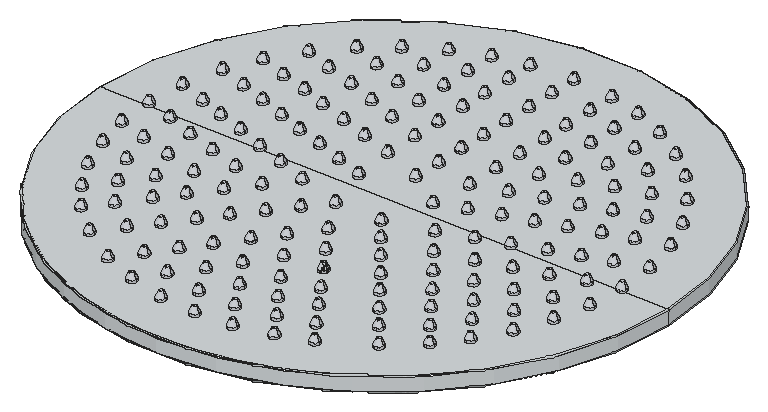
Revit family "Reece_Shower_Mizu_Drift_Overhead Shower_Brass_300 mm", category Plumbing Fixtures, host Face, Revit 2018
Family settings
  Host = Face
  Round Connector Dimension = Use Diameter
  Part Type = Normal
  Cut with Voids When Loaded = No
  Shared = No
  Room Calculation Point = No
Parameters (values of type "Brushed Nickel")
  WFU = 0  # constant formula
  URL = "https://www.reece.com.au/product/-9508187"
  Reece_Shower_Inlet = 15 mm  # constant formula
  Reece_Product_Web Page = "https://www.reece.com.au/product/-9508187"
  Reece_Product_Sub Brand = "Drift"  # constant formula
  Reece_Product_Number = "9508187"
  Reece_Product_Mount = "Ceiling Mounted"
  Reece_Product_Description = "Mizu Drift Brass Overhead Shower 300mm Brushed Nickel (3 Star)"
  Reece_Product_Brand = "Mizu"  # constant formula
  Reece_Overall_Height = 53 mm  # constant formula
  Reece_Overall-Diameter = 300 mm  # constant formula
  Reece_Material_Main = Reece_Brass_Brushed Nickel
  Reece_Head_ Thickness = 8 mm  # constant formula
  Reece_Detail_Material = "Brass"  # constant formula
  Reece_Detail_Disclaimer = "THIS FILE IS THE PROPERTY OF THE REECE GROUP. IT MAY NOT BE REPRODUCED, REVERSE-ENGINEERED, OR MODIFIED. ANY REPUBLICATION, TRANSMISSION, OR DISTRIBUTION FOR THE PURPOSE OF COMMERCIALLY EXPLOITING THE FILES IS PROHIBITED."  # constant formula
  Reece_Detail_Additional = "Overhead Shower"  # constant formula
  Model = "Drift"
  Manufacturer = "Mizu"
  Keynote = "Product #9508187, Reece_Shower_Mizu_Drift_Overhead Shower_Brass_300 mm - Brushed Nickel"
  HWFU = 0  # constant formula
  Disclaimer = "THIS FILE IS THE PROPERTY OF THE REECE GROUP. IT MAY NOT BE REPRODUCED, REVERSE-ENGINEERED, OR MODIFIED. ANY REPUBLICATION, TRANSMISSION, OR DISTRIBUTION FOR THE PURPOSE OF COMMERCIALLY EXPLOITING THE FILES IS PROHIBITED."  # constant formula
  Description = "Mizu Drift Brass Overhead Shower 300mm Brushed Nickel (3 Star)"
  Default Elevation = 0 mm
  CWFU = 0  # constant formula
Types (4, lengths in mm): name | URL | Reece_Product_Web Page | Reece_Product_Number | Reece_Product_Description | Reece_Material_Main | Keynote | Description
  Chrome | "https://www.reece.com.au/product/-9503923" | "https://www.reece.com.au/product/-9503923" | "9503923" | "Mizu Drift Brass Overhead Shower 300mm Chrome (3 Star)" | Reece_Brass_Chrome | "Product #9503923, Reece_Shower_Mizu_Drift_Overhead Shower_Brass_300 mm - Chrome" | "Mizu Drift Brass Overhead Shower 300mm Chrome (3 Star)"
  Brushed Nickel | "https://www.reece.com.au/product/-9508187" | "https://www.reece.com.au/product/-9508187" | "9508187" | "Mizu Drift Brass Overhead Shower 300mm Brushed Nickel (3 Star)" | Reece_Brass_Brushed Nickel | "Product #9508187, Reece_Shower_Mizu_Drift_Overhead Shower_Brass_300 mm - Brushed Nickel" | "Mizu Drift Brass Overhead Shower 300mm Brushed Nickel (3 Star)"
  Matte Black | "https://www.reece.com.au/product/-9505045" | "https://www.reece.com.au/product/-9505045" | "9505045" | "Mizu Drift Brass Overhead Shower 300mm Matte Black (3 Star)" | Reece_Brass_Matte Black | "Product #9505045, Reece_Shower_Mizu_Drift_Overhead Shower_Brass_300 mm - Matte Black" | "Mizu Drift Brass Overhead Shower 300mm Matte Black (3 Star)"
  Brushed Brass | "https://www.reece.com.au/product/-9512324" | "https://www.reece.com.au/product/-9512324" | "9512324" | "Mizu Drift Overhead Shower Brass 300mm Brushed Brass (3 Star)" | Reece_Brass_Brushed | "Product #9512324, Reece_Shower_Mizu_Drift_Overhead Shower_Brass_300 mm - Brushed Brass" | "Mizu Drift Overhead Shower Brass 300mm Brushed Brass (3 Star)"
Reference planes
  plane 1 "Center (Front/Back)": y = 0
  plane 2: z = 0
  plane 3 "Center (Left/Right)": x = 0
  plane 4: z = 53
  plane 5: y = 150
  plane 6: y = -150
  plane 7: x = 150
  plane 8: x = -150
  plane 9: z = 45
Forms (mm)
  Revolve 1, solid, material "Reece_Brass_Brushed Nickel" <- "Reece_Material_Main"
    sketch origin (0, 0, -187) x (1, 0, 0) y (0, 0, 1)
      loop
        line (0, 240) -> (0, 187) -> (12, 187) -> (12, 200.9) -> (8, 200.9) -> (8, 204.4) -> (8.702, 204.989) -> (14.5, 204.989)
        arc (14.5, 204.989) -> (15.914, 205.575) -> (16.5, 206.989) r 2
        line (16.5, 206.989) -> (16.5, 228) -> (18.5, 228)
        arc (18.5, 228) -> (18.854, 228.146) -> (19, 228.5) r 0.5
        line (19, 228.5) -> (19, 232) -> (149.5, 232)
        arc (149.5, 232) -> (149.854, 232.146) -> (150, 232.5) r 0.5
        line (150, 232.5) -> (150, 239.5)
        arc (150, 239.5) -> (149.854, 239.854) -> (149.5, 240) r 0.5
        line (149.5, 240) -> (0, 240)
      axis (0, 240) -> (0, 187)
    angle from 0 to 360
  Extrusion 2, void
    sketch origin (0, 0, 0) x (1, 0, 0) y (0, 0, 1)
      loop
        line (-4.039, 6.9) -> (-4.039, 0) -> (4.039, 0) -> (4.039, 6.9) -> (-4.039, 6.9)
    from 10.673 to 13.307
  Extrusion 3, void
    sketch origin (0, 0, 0) x (1, 0, 0) y (0, 0, -1)
      loop
        line (-4.039, -6.9) -> (4.039, -6.9) -> (4.039, 0) -> (-4.039, 0) -> (-4.039, -6.9)
    from 10.673 to 13.307
  Extrusion 4, void
    sketch origin (0, 0, 0) x (1, 0, 0) y (0, 0, -1)
      loop
        line (-5.657, -23) -> (5.657, -23) -> (5.657, -20.024)
        arc (5.657, -20.024) -> (5.468, -19.439) -> (4.971, -19.075) r 1
        arc (4.971, -19.075) -> (0, -18.273) -> (-4.971, -19.075) r 15.81
        arc (-4.971, -19.075) -> (-5.468, -19.439) -> (-5.657, -20.024) r 1
        line (-5.657, -20.024) -> (-5.657, -23)
    from 13.307 to 20.436
  Extrusion 5, void
    sketch origin (0, 0, 0) x (1, 0, 0) y (0, 1, 0)
      loop
        circle (0, 0) r 9.5
    from 0 to 12.58
  Extrusion 6, void
    sketch origin (0, 0, 0) x (1, 0, 0) y (0, 0, 1)
      loop
        line (-5.657, 23) -> (-5.657, 20.024)
        arc (-5.657, 20.024) -> (-5.468, 19.439) -> (-4.971, 19.075) r 1
        arc (-4.971, 19.075) -> (0, 18.273) -> (4.971, 19.075) r 15.81
        arc (4.971, 19.075) -> (5.468, 19.439) -> (5.657, 20.024) r 1
        line (5.657, 20.024) -> (5.657, 23) -> (-5.657, 23)
    from 13.307 to 20.436
  Extrusion 7, solid, material "Reece_Brass_Brushed Nickel" <- "Reece_Material_Main"
    sketch origin (0, 0, 0) x (1, 0, 0) y (0, 1, 0)
      loop
        circle (0, 0) r 8
    from 0 to 2.387
Cuts and joins
  Extrusion 2, Extrusion 3, Extrusion 4, Extrusion 5, Extrusion 6 cuts Revolve 1
Lines and regions (mm)
  reference lines
    curve 1: line (0, 0, 53) -> (0, 0, 0)
Text (mm)
  text "Reece Copyright © 2018, Reece Ltd." at (-684.407, -223.434, 0), in view "Ref. Level"
  text "Reece©" at (-193.367, 417.356, -558.507), in view "Reece_Preview"
Dimensions and locks
  equal spacing: plane 5, plane 1 "Center (Front/Back)", plane 6
  equal spacing: plane 8, plane 3 "Center (Left/Right)", plane 7
  "Reece_Overall-Diameter": plane 8 to plane 7
  "Reece_Overall-Diameter": plane 5 to plane 6
  "Reece_Overall_Height": plane 4 to plane 2
  plane 4 to plane 9 to host face = 8 mm, 45 mm
  plane 7 to plane 8 = 300 mm
  aligned and locked: plane 2 to host face
  aligned and locked: level to host face
  aligned and locked: Revolve 1 sketch curve to plane 7
  aligned and locked: Revolve 1 sketch curve to plane 4
Automatic sketch dimensions
  host sketch curve to host sketch curve = 366 mm  (x2)
  Revolve 1 sketch curve to plane 3 "Center (Left/Right)" = 0 mm  (x2)
  Revolve 1 sketch curve to level = 0 mm
  Revolve 1 sketch curve to plane 9 = 0 mm
  plane 3 "Center (Left/Right)" to Revolve 1 sketch curve = 8 mm
  Revolve 1 sketch curve to Revolve 1 sketch curve = 0.702 mm
  Revolve 1 sketch curve to Revolve 1 sketch curve = 4 mm
  Revolve 1 sketch curve to Revolve 1 sketch curve = 5.798 mm
  Revolve 1 sketch curve to Revolve 1 sketch curve = 2 mm  (x2)
  Revolve 1 sketch curve to Revolve 1 sketch curve = 0.5 mm
  Revolve 1 sketch curve to plane 7 = 0.5 mm
  Revolve 1 sketch curve to plane 4 = 0.5 mm
  level to Revolve 1 sketch curve = 13.9 mm
  Revolve 1 sketch curve to Revolve 1 sketch curve = 3.5 mm
  Revolve 1 sketch curve to Revolve 1 sketch curve = 0.589 mm
  Revolve 1 sketch curve to plane 9 = 4 mm
  Revolve 1 sketch curve to Revolve 1 sketch curve = 796.6 mm
  Revolve 1 sketch curve to Revolve 1 sketch curve = 113.4 mm
  Extrusion 2 sketch curve to level = 0 mm
  Extrusion 2 sketch curve to plane 3 "Center (Left/Right)" = 4.039 mm
  plane 3 "Center (Left/Right)" to Extrusion 2 sketch curve = 4.039 mm
  Extrusion 2 sketch curve to Extrusion 2 sketch curve = 6.9 mm
  Extrusion 3 sketch curve to level = 0 mm
  Extrusion 3 sketch curve to plane 3 "Center (Left/Right)" = 4.039 mm
  plane 3 "Center (Left/Right)" to Extrusion 3 sketch curve = 4.039 mm
  Extrusion 3 sketch curve to Extrusion 3 sketch curve = 6.9 mm
  Extrusion 4 sketch curve to plane 3 "Center (Left/Right)" = 0 mm
  Extrusion 4 sketch curve to plane 3 "Center (Left/Right)" = 4.657 mm
  Extrusion 4 sketch curve to Extrusion 4 sketch curve = 1 mm  (x2)
  plane 3 "Center (Left/Right)" to Extrusion 4 sketch curve = 4.657 mm
  Extrusion 4 sketch curve to plane 9 = 10.918 mm
  Extrusion 4 sketch curve to Extrusion 4 sketch curve = 11.082 mm
  Extrusion 4 sketch curve to Extrusion 4 sketch curve = 2.976 mm  (x2)
  Extrusion 4 sketch curve to Extrusion 4 sketch curve = 0 mm
  plane 1 "Center (Front/Back)" to Extrusion 5 sketch curve = 0 mm
  Extrusion 5 sketch curve to plane 3 "Center (Left/Right)" = 0 mm
  Extrusion 6 sketch curve to plane 3 "Center (Left/Right)" = 0 mm
  Extrusion 6 sketch curve to plane 3 "Center (Left/Right)" = 4.657 mm
  Extrusion 6 sketch curve to Extrusion 6 sketch curve = 1 mm  (x2)
  plane 3 "Center (Left/Right)" to Extrusion 6 sketch curve = 4.657 mm
  level to Extrusion 6 sketch curve = 20.024 mm
  Extrusion 6 sketch curve to Extrusion 6 sketch curve = 0 mm  (x2)
  Extrusion 6 sketch curve to Extrusion 6 sketch curve = 2.976 mm
  Extrusion 6 sketch curve to plane 9 = 10.918 mm
  plane 1 "Center (Front/Back)" to Extrusion 7 sketch curve = 0 mm
  Extrusion 7 sketch curve to plane 3 "Center (Left/Right)" = 0 mm
  curve 1 to level = 0 mm
  curve 1 to plane 3 "Center (Left/Right)" = 0 mm
  curve 1 to plane 4 = 0 mm
  radius of Extrusion 5 sketch curve = 9.5 mm
  radius of Extrusion 7 sketch curve = 8 mm
Nested families
  nested 1: "Family1" at (0, 20.752, 53) x (-1, 0, 0) z (0, 0, 1), Reece_Material_Main <- "Reece_Material_Main", type "Family1"
    with Reece_Material_Main Reece_Brass_Brushed Nickel
  nested 2: "Family1" at (0, 35.752, 53) x (-1, 0, 0) z (0, 0, 1), Reece_Material_Main <- "Reece_Material_Main", type "Family1"
    with Reece_Material_Main Reece_Brass_Brushed Nickel
  nested 3: "Family1" at (0, 50.752, 53) x (-1, 0, 0) z (0, 0, 1), Reece_Material_Main <- "Reece_Material_Main", type "Family1"
    with Reece_Material_Main Reece_Brass_Brushed Nickel
  nested 4: "Family1" at (0, 65.328, 53) x (-1, 0, 0) z (0, 0, 1), Reece_Material_Main <- "Reece_Material_Main", type "Family1"
    with Reece_Material_Main Reece_Brass_Brushed Nickel
  nested 5: "Family1" at (0, 80.328, 53) x (-1, 0, 0) z (0, 0, 1), Reece_Material_Main <- "Reece_Material_Main", type "Family1"
    with Reece_Material_Main Reece_Brass_Brushed Nickel
  nested 6: "Family1" at (0, 95.328, 53) x (-1, 0, 0) z (0, 0, 1), Reece_Material_Main <- "Reece_Material_Main", type "Family1"
    with Reece_Material_Main Reece_Brass_Brushed Nickel
  nested 7: "Family1" at (0, 110.328, 53) x (-1, 0, 0) z (0, 0, 1), Reece_Material_Main <- "Reece_Material_Main", type "Family1"
    with Reece_Material_Main Reece_Brass_Brushed Nickel
  nested 8: "Family1" at (0, 124.985, 53) x (-1, 0, 0) z (0, 0, 1), Reece_Material_Main <- "Reece_Material_Main", type "Family1"
    with Reece_Material_Main Reece_Brass_Brushed Nickel
  nested 9: "Family1" at (21.516, 123.103, 53) x (-1, 0, 0) z (0, 0, 1), Reece_Material_Main <- "Reece_Material_Main", type "Family1"
    with Reece_Material_Main Reece_Brass_Brushed Nickel
  nested 10: "Family1" at (21.516, 108.751, 53) x (-1, 0, 0) z (0, 0, 1), Reece_Material_Main <- "Reece_Material_Main", type "Family1"
    with Reece_Material_Main Reece_Brass_Brushed Nickel
  nested 11: "Family1" at (21.516, 92.945, 53) x (-1, 0, 0) z (0, 0, 1), Reece_Material_Main <- "Reece_Material_Main", type "Family1"
    with Reece_Material_Main Reece_Brass_Brushed Nickel
  nested 12: "Family1" at (21.516, 78.604, 53) x (-1, 0, 0) z (0, 0, 1), Reece_Material_Main <- "Reece_Material_Main", type "Family1"
    with Reece_Material_Main Reece_Brass_Brushed Nickel
  nested 13: "Family1" at (21.516, 62.46, 53) x (-1, 0, 0) z (0, 0, 1), Reece_Material_Main <- "Reece_Material_Main", type "Family1"
    with Reece_Material_Main Reece_Brass_Brushed Nickel
  nested 14: "Family1" at (21.516, 46.794, 53) x (-1, 0, 0) z (0, 0, 1), Reece_Material_Main <- "Reece_Material_Main", type "Family1"
    with Reece_Material_Main Reece_Brass_Brushed Nickel
  nested 15: "Family1" at (21.516, 29.216, 53) x (-1, 0, 0) z (0, 0, 1), Reece_Material_Main <- "Reece_Material_Main", type "Family1"
    with Reece_Material_Main Reece_Brass_Brushed Nickel
  nested 16: "Family1" at (38.66, 119.052, 53) x (-1, 0, 0) z (0, 0, 1), Reece_Material_Main <- "Reece_Material_Main", type "Family1"
    with Reece_Material_Main Reece_Brass_Brushed Nickel
  nested 17: "Family1" at (38.66, 103.246, 53) x (-1, 0, 0) z (0, 0, 1), Reece_Material_Main <- "Reece_Material_Main", type "Family1"
    with Reece_Material_Main Reece_Brass_Brushed Nickel
  nested 18: "Family1" at (38.66, 70.956, 53) x (-1, 0, 0) z (0, 0, 1), Reece_Material_Main <- "Reece_Material_Main", type "Family1"
    with Reece_Material_Main Reece_Brass_Brushed Nickel
  nested 19: "Family1" at (38.66, 53.471, 53) x (-1, 0, 0) z (0, 0, 1), Reece_Material_Main <- "Reece_Material_Main", type "Family1"
    with Reece_Material_Main Reece_Brass_Brushed Nickel
  nested 20: "Family1" at (54.268, 59.462, 53) x (-1, 0, 0) z (0, 0, 1), Reece_Material_Main <- "Reece_Material_Main", type "Family1"
    with Reece_Material_Main Reece_Brass_Brushed Nickel
  nested 21: "Family1" at (69.409, 64.974, 53) x (-1, 0, 0) z (0, 0, 1), Reece_Material_Main <- "Reece_Material_Main", type "Family1"
    with Reece_Material_Main Reece_Brass_Brushed Nickel
  nested 22: "Family1" at (85.019, 69.746, 53) x (-1, 0, 0) z (0, 0, 1), Reece_Material_Main <- "Reece_Material_Main", type "Family1"
    with Reece_Material_Main Reece_Brass_Brushed Nickel
  nested 23: "Family1" at (99.675, 75.08, 53) x (-1, 0, 0) z (0, 0, 1), Reece_Material_Main <- "Reece_Material_Main", type "Family1"
    with Reece_Material_Main Reece_Brass_Brushed Nickel
  nested 24: "Family1" at (55.24, 78.023, 53) x (-1, 0, 0) z (0, 0, 1), Reece_Material_Main <- "Reece_Material_Main", type "Family1"
    with Reece_Material_Main Reece_Brass_Brushed Nickel
  nested 25: "Family1" at (71.482, 84.258, 53) x (-1, 0, 0) z (0, 0, 1), Reece_Material_Main <- "Reece_Material_Main", type "Family1"
    with Reece_Material_Main Reece_Brass_Brushed Nickel
  nested 26: "Family1" at (86.704, 90.101, 53) x (-1, 0, 0) z (0, 0, 1), Reece_Material_Main <- "Reece_Material_Main", type "Family1"
    with Reece_Material_Main Reece_Brass_Brushed Nickel
  nested 27: "Family1" at (72.221, 101.83, 53) x (-1, 0, 0) z (0, 0, 1), Reece_Material_Main <- "Reece_Material_Main", type "Family1"
    with Reece_Material_Main Reece_Brass_Brushed Nickel
  nested 28: "Family1" at (55.836, 95.54, 53) x (-1, 0, 0) z (0, 0, 1), Reece_Material_Main <- "Reece_Material_Main", type "Family1"
    with Reece_Material_Main Reece_Brass_Brushed Nickel
  nested 29: "Family1" at (38.634, 87.706, 53) x (-1, 0, 0) z (0, 0, 1), Reece_Material_Main <- "Reece_Material_Main", type "Family1"
    with Reece_Material_Main Reece_Brass_Brushed Nickel
  nested 30: "Family1" at (55.695, 112.071, 53) x (-1, 0, 0) z (0, 0, 1), Reece_Material_Main <- "Reece_Material_Main", type "Family1"
    with Reece_Material_Main Reece_Brass_Brushed Nickel
  nested 31: "Family1" at (-21.516, 123.103, 53), Reece_Material_Main <- "Reece_Material_Main", type "Family1"
    with Reece_Material_Main Reece_Brass_Brushed Nickel
  nested 32: "Family1" at (-21.516, 108.751, 53), Reece_Material_Main <- "Reece_Material_Main", type "Family1"
    with Reece_Material_Main Reece_Brass_Brushed Nickel
  nested 33: "Family1" at (-21.516, 92.945, 53), Reece_Material_Main <- "Reece_Material_Main", type "Family1"
    with Reece_Material_Main Reece_Brass_Brushed Nickel
  nested 34: "Family1" at (-21.516, 78.604, 53), Reece_Material_Main <- "Reece_Material_Main", type "Family1"
    with Reece_Material_Main Reece_Brass_Brushed Nickel
  nested 35: "Family1" at (-21.516, 62.46, 53), Reece_Material_Main <- "Reece_Material_Main", type "Family1"
    with Reece_Material_Main Reece_Brass_Brushed Nickel
  nested 36: "Family1" at (-21.516, 46.794, 53), Reece_Material_Main <- "Reece_Material_Main", type "Family1"
    with Reece_Material_Main Reece_Brass_Brushed Nickel
  nested 37: "Family1" at (-38.66, 119.052, 53), Reece_Material_Main <- "Reece_Material_Main", type "Family1"
    with Reece_Material_Main Reece_Brass_Brushed Nickel
  nested 38: "Family1" at (-38.66, 103.246, 53), Reece_Material_Main <- "Reece_Material_Main", type "Family1"
    with Reece_Material_Main Reece_Brass_Brushed Nickel
  nested 39: "Family1" at (-38.66, 70.956, 53), Reece_Material_Main <- "Reece_Material_Main", type "Family1"
    with Reece_Material_Main Reece_Brass_Brushed Nickel
  nested 40: "Family1" at (-38.66, 53.471, 53), Reece_Material_Main <- "Reece_Material_Main", type "Family1"
    with Reece_Material_Main Reece_Brass_Brushed Nickel
  nested 41: "Family1" at (-54.268, 59.462, 53), Reece_Material_Main <- "Reece_Material_Main", type "Family1"
    with Reece_Material_Main Reece_Brass_Brushed Nickel
  nested 42: "Family1" at (-69.409, 64.974, 53), Reece_Material_Main <- "Reece_Material_Main", type "Family1"
    with Reece_Material_Main Reece_Brass_Brushed Nickel
  nested 43: "Family1" at (-85.019, 69.746, 53), Reece_Material_Main <- "Reece_Material_Main", type "Family1"
    with Reece_Material_Main Reece_Brass_Brushed Nickel
  nested 44: "Family1" at (-99.675, 75.08, 53), Reece_Material_Main <- "Reece_Material_Main", type "Family1"
    with Reece_Material_Main Reece_Brass_Brushed Nickel
  nested 45: "Family1" at (-55.24, 78.023, 53), Reece_Material_Main <- "Reece_Material_Main", type "Family1"
    with Reece_Material_Main Reece_Brass_Brushed Nickel
  nested 46: "Family1" at (-71.482, 84.258, 53), Reece_Material_Main <- "Reece_Material_Main", type "Family1"
    with Reece_Material_Main Reece_Brass_Brushed Nickel
  nested 47: "Family1" at (-86.704, 90.101, 53), Reece_Material_Main <- "Reece_Material_Main", type "Family1"
    with Reece_Material_Main Reece_Brass_Brushed Nickel
  nested 48: "Family1" at (-72.221, 101.83, 53), Reece_Material_Main <- "Reece_Material_Main", type "Family1"
    with Reece_Material_Main Reece_Brass_Brushed Nickel
  nested 49: "Family1" at (-55.836, 95.54, 53), Reece_Material_Main <- "Reece_Material_Main", type "Family1"
    with Reece_Material_Main Reece_Brass_Brushed Nickel
  nested 50: "Family1" at (-38.634, 87.706, 53), Reece_Material_Main <- "Reece_Material_Main", type "Family1"
    with Reece_Material_Main Reece_Brass_Brushed Nickel
  nested 51: "Family1" at (-55.695, 112.071, 53), Reece_Material_Main <- "Reece_Material_Main", type "Family1"
    with Reece_Material_Main Reece_Brass_Brushed Nickel
  nested 52: "Family1" at (19.63, 7.648, 53) x (-1, 0, 0) z (0, 0, 1), Reece_Material_Main <- "Reece_Material_Main", type "Family1"
    with Reece_Material_Main Reece_Brass_Brushed Nickel
  nested 53: "Family1" at (33.812, 12.532, 53) x (-1, 0, 0) z (0, 0, 1), Reece_Material_Main <- "Reece_Material_Main", type "Family1"
    with Reece_Material_Main Reece_Brass_Brushed Nickel
  nested 54: "Family1" at (47.995, 17.415, 53) x (-1, 0, 0) z (0, 0, 1), Reece_Material_Main <- "Reece_Material_Main", type "Family1"
    with Reece_Material_Main Reece_Brass_Brushed Nickel
  nested 55: "Family1" at (61.867, 21.656, 53) x (-1, 0, 0) z (0, 0, 1), Reece_Material_Main <- "Reece_Material_Main", type "Family1"
    with Reece_Material_Main Reece_Brass_Brushed Nickel
  nested 56: "Family1" at (75.388, 26.578, 53) x (-1, 0, 0) z (0, 0, 1), Reece_Material_Main <- "Reece_Material_Main", type "Family1"
    with Reece_Material_Main Reece_Brass_Brushed Nickel
  nested 57: "Family1" at (89.307, 31.644, 53) x (-1, 0, 0) z (0, 0, 1), Reece_Material_Main <- "Reece_Material_Main", type "Family1"
    with Reece_Material_Main Reece_Brass_Brushed Nickel
  nested 58: "Family1" at (103.227, 36.167, 53) x (-1, 0, 0) z (0, 0, 1), Reece_Material_Main <- "Reece_Material_Main", type "Family1"
    with Reece_Material_Main Reece_Brass_Brushed Nickel
  nested 59: "Family1" at (118.176, 41.024, 53) x (-1, 0, 0) z (0, 0, 1), Reece_Material_Main <- "Reece_Material_Main", type "Family1"
    with Reece_Material_Main Reece_Brass_Brushed Nickel
  nested 60: "Family1" at (37.847, 34.522, 53) x (-1, 0, 0) z (0, 0, 1), Reece_Material_Main <- "Reece_Material_Main", type "Family1"
    with Reece_Material_Main Reece_Brass_Brushed Nickel
  nested 61: "Family1" at (52.859, 39.399, 53) x (-1, 0, 0) z (0, 0, 1), Reece_Material_Main <- "Reece_Material_Main", type "Family1"
    with Reece_Material_Main Reece_Brass_Brushed Nickel
  nested 62: "Family1" at (67.799, 44.254, 53) x (-1, 0, 0) z (0, 0, 1), Reece_Material_Main <- "Reece_Material_Main", type "Family1"
    with Reece_Material_Main Reece_Brass_Brushed Nickel
  nested 63: "Family1" at (81.33, 49.179, 53) x (-1, 0, 0) z (0, 0, 1), Reece_Material_Main <- "Reece_Material_Main", type "Family1"
    with Reece_Material_Main Reece_Brass_Brushed Nickel
  nested 64: "Family1" at (95.749, 53.313, 53) x (-1, 0, 0) z (0, 0, 1), Reece_Material_Main <- "Reece_Material_Main", type "Family1"
    with Reece_Material_Main Reece_Brass_Brushed Nickel
  nested 65: "Family1" at (110.556, 58.411, 53) x (-1, 0, 0) z (0, 0, 1), Reece_Material_Main <- "Reece_Material_Main", type "Family1"
    with Reece_Material_Main Reece_Brass_Brushed Nickel
  nested 66: "Family1" at (35.008, -10.293, 53) x (-1, 0, 0) z (0, 0, 1), Reece_Material_Main <- "Reece_Material_Main", type "Family1"
    with Reece_Material_Main Reece_Brass_Brushed Nickel
  nested 67: "Family1" at (51.241, -4.385, 53) x (-1, 0, 0) z (0, 0, 1), Reece_Material_Main <- "Reece_Material_Main", type "Family1"
    with Reece_Material_Main Reece_Brass_Brushed Nickel
  nested 68: "Family1" at (66.077, 0.723, 53) x (-1, 0, 0) z (0, 0, 1), Reece_Material_Main <- "Reece_Material_Main", type "Family1"
    with Reece_Material_Main Reece_Brass_Brushed Nickel
  nested 69: "Family1" at (80.998, 6.451, 53) x (-1, 0, 0) z (0, 0, 1), Reece_Material_Main <- "Reece_Material_Main", type "Family1"
    with Reece_Material_Main Reece_Brass_Brushed Nickel
  nested 70: "Family1" at (95.039, 11.013, 53) x (-1, 0, 0) z (0, 0, 1), Reece_Material_Main <- "Reece_Material_Main", type "Family1"
    with Reece_Material_Main Reece_Brass_Brushed Nickel
  nested 71: "Family1" at (108.359, 15.861, 53) x (-1, 0, 0) z (0, 0, 1), Reece_Material_Main <- "Reece_Material_Main", type "Family1"
    with Reece_Material_Main Reece_Brass_Brushed Nickel
  nested 72: "Family1" at (123.226, 20.98, 53) x (-1, 0, 0) z (0, 0, 1), Reece_Material_Main <- "Reece_Material_Main", type "Family1"
    with Reece_Material_Main Reece_Brass_Brushed Nickel
  nested 73: "Family1" at (45.239, -23.977, 53) x (-1, 0, 0) z (0, 0, 1), Reece_Material_Main <- "Reece_Material_Main", type "Family1"
    with Reece_Material_Main Reece_Brass_Brushed Nickel
  nested 74: "Family1" at (63.064, -19.201, 53) x (-1, 0, 0) z (0, 0, 1), Reece_Material_Main <- "Reece_Material_Main", type "Family1"
    with Reece_Material_Main Reece_Brass_Brushed Nickel
  nested 75: "Family1" at (79.12, -14.293, 53) x (-1, 0, 0) z (0, 0, 1), Reece_Material_Main <- "Reece_Material_Main", type "Family1"
    with Reece_Material_Main Reece_Brass_Brushed Nickel
  nested 76: "Family1" at (94.642, -9.547, 53) x (-1, 0, 0) z (0, 0, 1), Reece_Material_Main <- "Reece_Material_Main", type "Family1"
    with Reece_Material_Main Reece_Brass_Brushed Nickel
  nested 77: "Family1" at (109.876, -3.699, 53) x (-1, 0, 0) z (0, 0, 1), Reece_Material_Main <- "Reece_Material_Main", type "Family1"
    with Reece_Material_Main Reece_Brass_Brushed Nickel
  nested 78: "Family1" at (124.717, 0.838, 53) x (-1, 0, 0) z (0, 0, 1), Reece_Material_Main <- "Reece_Material_Main", type "Family1"
    with Reece_Material_Main Reece_Brass_Brushed Nickel
  nested 79: "Family1" at (55.19, -36.713, 53) x (-1, 0, 0) z (0, 0, 1), Reece_Material_Main <- "Reece_Material_Main", type "Family1"
    with Reece_Material_Main Reece_Brass_Brushed Nickel
  nested 80: "Family1" at (73.705, -33.114, 53) x (-1, 0, 0) z (0, 0, 1), Reece_Material_Main <- "Reece_Material_Main", type "Family1"
    with Reece_Material_Main Reece_Brass_Brushed Nickel
  nested 81: "Family1" at (91.151, -28.44, 53) x (-1, 0, 0) z (0, 0, 1), Reece_Material_Main <- "Reece_Material_Main", type "Family1"
    with Reece_Material_Main Reece_Brass_Brushed Nickel
  nested 82: "Family1" at (107.923, -23.63, 53) x (-1, 0, 0) z (0, 0, 1), Reece_Material_Main <- "Reece_Material_Main", type "Family1"
    with Reece_Material_Main Reece_Brass_Brushed Nickel
  nested 83: "Family1" at (123.409, -18.896, 53) x (-1, 0, 0) z (0, 0, 1), Reece_Material_Main <- "Reece_Material_Main", type "Family1"
    with Reece_Material_Main Reece_Brass_Brushed Nickel
  nested 84: "Family1" at (118.887, -37.034, 53) x (-1, 0, 0) z (0, 0, 1), Reece_Material_Main <- "Reece_Material_Main", type "Family1"
    with Reece_Material_Main Reece_Brass_Brushed Nickel
  nested 85: "Family1" at (102.198, -42.136, 53) x (-1, 0, 0) z (0, 0, 1), Reece_Material_Main <- "Reece_Material_Main", type "Family1"
    with Reece_Material_Main Reece_Brass_Brushed Nickel
  nested 86: "Family1" at (83.815, -46.044, 53) x (-1, 0, 0) z (0, 0, 1), Reece_Material_Main <- "Reece_Material_Main", type "Family1"
    with Reece_Material_Main Reece_Brass_Brushed Nickel
  nested 87: "Family1" at (64.791, -49.398, 53) x (-1, 0, 0) z (0, 0, 1), Reece_Material_Main <- "Reece_Material_Main", type "Family1"
    with Reece_Material_Main Reece_Brass_Brushed Nickel
  nested 88: "Family1" at (73.46, -60.904, 53) x (-1, 0, 0) z (0, 0, 1), Reece_Material_Main <- "Reece_Material_Main", type "Family1"
    with Reece_Material_Main Reece_Brass_Brushed Nickel
  nested 89: "Family1" at (93.351, -58.813, 53) x (-1, 0, 0) z (0, 0, 1), Reece_Material_Main <- "Reece_Material_Main", type "Family1"
    with Reece_Material_Main Reece_Brass_Brushed Nickel
  nested 90: "Family1" at (112.113, -55.166, 53) x (-1, 0, 0) z (0, 0, 1), Reece_Material_Main <- "Reece_Material_Main", type "Family1"
    with Reece_Material_Main Reece_Brass_Brushed Nickel
  nested 91: "Family1" at (102.443, -71.26, 53) x (-1, 0, 0) z (0, 0, 1), Reece_Material_Main <- "Reece_Material_Main", type "Family1"
    with Reece_Material_Main Reece_Brass_Brushed Nickel
  nested 92: "Family1" at (83.084, -73.637, 53) x (-1, 0, 0) z (0, 0, 1), Reece_Material_Main <- "Reece_Material_Main", type "Family1"
    with Reece_Material_Main Reece_Brass_Brushed Nickel
  nested 93: "Family1" at (91.872, -84.886, 53) x (-1, 0, 0) z (0, 0, 1), Reece_Material_Main <- "Reece_Material_Main", type "Family1"
    with Reece_Material_Main Reece_Brass_Brushed Nickel
  nested 94: "Family1" at (76.356, -98.856, 53) x (-1, 0, 0) z (0, 0, 1), Reece_Material_Main <- "Reece_Material_Main", type "Family1"
    with Reece_Material_Main Reece_Brass_Brushed Nickel
  nested 95: "Family1" at (66.411, -86.575, 53) x (-1, 0, 0) z (0, 0, 1), Reece_Material_Main <- "Reece_Material_Main", type "Family1"
    with Reece_Material_Main Reece_Brass_Brushed Nickel
  nested 96: "Family1" at (57.51, -75.182, 53) x (-1, 0, 0) z (0, 0, 1), Reece_Material_Main <- "Reece_Material_Main", type "Family1"
    with Reece_Material_Main Reece_Brass_Brushed Nickel
  nested 97: "Family1" at (48.275, -63.362, 53) x (-1, 0, 0) z (0, 0, 1), Reece_Material_Main <- "Reece_Material_Main", type "Family1"
    with Reece_Material_Main Reece_Brass_Brushed Nickel
  nested 98: "Family1" at (39.709, -51.995, 53) x (-1, 0, 0) z (0, 0, 1), Reece_Material_Main <- "Reece_Material_Main", type "Family1"
    with Reece_Material_Main Reece_Brass_Brushed Nickel
  nested 99: "Family1" at (30.27, -40.338, 53) x (-1, 0, 0) z (0, 0, 1), Reece_Material_Main <- "Reece_Material_Main", type "Family1"
    with Reece_Material_Main Reece_Brass_Brushed Nickel
  nested 100: "Family1" at (21.035, -28.518, 53) x (-1, 0, 0) z (0, 0, 1), Reece_Material_Main <- "Reece_Material_Main", type "Family1"
    with Reece_Material_Main Reece_Brass_Brushed Nickel
  nested 101: "Family1" at (12.081, -17.058, 53) x (-1, 0, 0) z (0, 0, 1), Reece_Material_Main <- "Reece_Material_Main", type "Family1"
    with Reece_Material_Main Reece_Brass_Brushed Nickel
  nested 102: "Family1" at (-19.63, 7.648, 53), Reece_Material_Main <- "Reece_Material_Main", type "Family1"
    with Reece_Material_Main Reece_Brass_Brushed Nickel
  nested 103: "Family1" at (-33.812, 12.532, 53), Reece_Material_Main <- "Reece_Material_Main", type "Family1"
    with Reece_Material_Main Reece_Brass_Brushed Nickel
  nested 104: "Family1" at (-47.995, 17.415, 53), Reece_Material_Main <- "Reece_Material_Main", type "Family1"
    with Reece_Material_Main Reece_Brass_Brushed Nickel
  nested 105: "Family1" at (-61.867, 21.656, 53), Reece_Material_Main <- "Reece_Material_Main", type "Family1"
    with Reece_Material_Main Reece_Brass_Brushed Nickel
  nested 106: "Family1" at (-75.388, 26.578, 53), Reece_Material_Main <- "Reece_Material_Main", type "Family1"
    with Reece_Material_Main Reece_Brass_Brushed Nickel
  nested 107: "Family1" at (-89.307, 31.644, 53), Reece_Material_Main <- "Reece_Material_Main", type "Family1"
    with Reece_Material_Main Reece_Brass_Brushed Nickel
  nested 108: "Family1" at (-103.227, 36.167, 53), Reece_Material_Main <- "Reece_Material_Main", type "Family1"
    with Reece_Material_Main Reece_Brass_Brushed Nickel
  nested 109: "Family1" at (-118.176, 41.024, 53), Reece_Material_Main <- "Reece_Material_Main", type "Family1"
    with Reece_Material_Main Reece_Brass_Brushed Nickel
  nested 110: "Family1" at (-35.008, -10.293, 53), Reece_Material_Main <- "Reece_Material_Main", type "Family1"
    with Reece_Material_Main Reece_Brass_Brushed Nickel
  nested 111: "Family1" at (-51.241, -4.385, 53), Reece_Material_Main <- "Reece_Material_Main", type "Family1"
    with Reece_Material_Main Reece_Brass_Brushed Nickel
  nested 112: "Family1" at (-66.077, 0.723, 53), Reece_Material_Main <- "Reece_Material_Main", type "Family1"
    with Reece_Material_Main Reece_Brass_Brushed Nickel
  nested 113: "Family1" at (-80.998, 6.451, 53), Reece_Material_Main <- "Reece_Material_Main", type "Family1"
    with Reece_Material_Main Reece_Brass_Brushed Nickel
  nested 114: "Family1" at (-95.039, 11.013, 53), Reece_Material_Main <- "Reece_Material_Main", type "Family1"
    with Reece_Material_Main Reece_Brass_Brushed Nickel
  nested 115: "Family1" at (-108.359, 15.861, 53), Reece_Material_Main <- "Reece_Material_Main", type "Family1"
    with Reece_Material_Main Reece_Brass_Brushed Nickel
  nested 116: "Family1" at (-123.226, 20.98, 53), Reece_Material_Main <- "Reece_Material_Main", type "Family1"
    with Reece_Material_Main Reece_Brass_Brushed Nickel
  nested 117: "Family1" at (-45.239, -23.977, 53), Reece_Material_Main <- "Reece_Material_Main", type "Family1"
    with Reece_Material_Main Reece_Brass_Brushed Nickel
  nested 118: "Family1" at (-63.064, -19.201, 53), Reece_Material_Main <- "Reece_Material_Main", type "Family1"
    with Reece_Material_Main Reece_Brass_Brushed Nickel
  nested 119: "Family1" at (-79.12, -14.293, 53), Reece_Material_Main <- "Reece_Material_Main", type "Family1"
    with Reece_Material_Main Reece_Brass_Brushed Nickel
  nested 120: "Family1" at (-94.642, -9.547, 53), Reece_Material_Main <- "Reece_Material_Main", type "Family1"
    with Reece_Material_Main Reece_Brass_Brushed Nickel
  nested 121: "Family1" at (-109.876, -3.699, 53), Reece_Material_Main <- "Reece_Material_Main", type "Family1"
    with Reece_Material_Main Reece_Brass_Brushed Nickel
  nested 122: "Family1" at (-124.717, 0.838, 53), Reece_Material_Main <- "Reece_Material_Main", type "Family1"
    with Reece_Material_Main Reece_Brass_Brushed Nickel
  nested 123: "Family1" at (-55.19, -36.713, 53), Reece_Material_Main <- "Reece_Material_Main", type "Family1"
    with Reece_Material_Main Reece_Brass_Brushed Nickel
  nested 124: "Family1" at (-73.705, -33.114, 53), Reece_Material_Main <- "Reece_Material_Main", type "Family1"
    with Reece_Material_Main Reece_Brass_Brushed Nickel
  nested 125: "Family1" at (-91.151, -28.44, 53), Reece_Material_Main <- "Reece_Material_Main", type "Family1"
    with Reece_Material_Main Reece_Brass_Brushed Nickel
  nested 126: "Family1" at (-107.923, -23.63, 53), Reece_Material_Main <- "Reece_Material_Main", type "Family1"
    with Reece_Material_Main Reece_Brass_Brushed Nickel
  nested 127: "Family1" at (-123.409, -18.896, 53), Reece_Material_Main <- "Reece_Material_Main", type "Family1"
    with Reece_Material_Main Reece_Brass_Brushed Nickel
  nested 128: "Family1" at (-118.887, -37.034, 53), Reece_Material_Main <- "Reece_Material_Main", type "Family1"
    with Reece_Material_Main Reece_Brass_Brushed Nickel
  nested 129: "Family1" at (-102.198, -42.136, 53), Reece_Material_Main <- "Reece_Material_Main", type "Family1"
    with Reece_Material_Main Reece_Brass_Brushed Nickel
  nested 130: "Family1" at (-83.815, -46.044, 53), Reece_Material_Main <- "Reece_Material_Main", type "Family1"
    with Reece_Material_Main Reece_Brass_Brushed Nickel
  nested 131: "Family1" at (-64.791, -49.398, 53), Reece_Material_Main <- "Reece_Material_Main", type "Family1"
    with Reece_Material_Main Reece_Brass_Brushed Nickel
  nested 132: "Family1" at (-73.46, -60.904, 53), Reece_Material_Main <- "Reece_Material_Main", type "Family1"
    with Reece_Material_Main Reece_Brass_Brushed Nickel
  nested 133: "Family1" at (-93.351, -58.813, 53), Reece_Material_Main <- "Reece_Material_Main", type "Family1"
    with Reece_Material_Main Reece_Brass_Brushed Nickel
  nested 134: "Family1" at (-112.113, -55.166, 53), Reece_Material_Main <- "Reece_Material_Main", type "Family1"
    with Reece_Material_Main Reece_Brass_Brushed Nickel
  nested 135: "Family1" at (-102.443, -71.26, 53), Reece_Material_Main <- "Reece_Material_Main", type "Family1"
    with Reece_Material_Main Reece_Brass_Brushed Nickel
  nested 136: "Family1" at (-83.084, -73.637, 53), Reece_Material_Main <- "Reece_Material_Main", type "Family1"
    with Reece_Material_Main Reece_Brass_Brushed Nickel
  nested 137: "Family1" at (-91.872, -84.886, 53), Reece_Material_Main <- "Reece_Material_Main", type "Family1"
    with Reece_Material_Main Reece_Brass_Brushed Nickel
  nested 138: "Family1" at (-76.356, -98.856, 53), Reece_Material_Main <- "Reece_Material_Main", type "Family1"
    with Reece_Material_Main Reece_Brass_Brushed Nickel
  nested 139: "Family1" at (-66.411, -86.575, 53), Reece_Material_Main <- "Reece_Material_Main", type "Family1"
    with Reece_Material_Main Reece_Brass_Brushed Nickel
  nested 140: "Family1" at (-57.51, -75.182, 53), Reece_Material_Main <- "Reece_Material_Main", type "Family1"
    with Reece_Material_Main Reece_Brass_Brushed Nickel
  nested 141: "Family1" at (-48.275, -63.362, 53), Reece_Material_Main <- "Reece_Material_Main", type "Family1"
    with Reece_Material_Main Reece_Brass_Brushed Nickel
  nested 142: "Family1" at (-39.709, -51.995, 53), Reece_Material_Main <- "Reece_Material_Main", type "Family1"
    with Reece_Material_Main Reece_Brass_Brushed Nickel
  nested 143: "Family1" at (-30.27, -40.338, 53), Reece_Material_Main <- "Reece_Material_Main", type "Family1"
    with Reece_Material_Main Reece_Brass_Brushed Nickel
  nested 144: "Family1" at (-21.035, -28.518, 53), Reece_Material_Main <- "Reece_Material_Main", type "Family1"
    with Reece_Material_Main Reece_Brass_Brushed Nickel
  nested 145: "Family1" at (-12.081, -17.058, 53), Reece_Material_Main <- "Reece_Material_Main", type "Family1"
    with Reece_Material_Main Reece_Brass_Brushed Nickel
  nested 146: "Family1" at (-0.659, -36.068, 53), Reece_Material_Main <- "Reece_Material_Main", type "Family1"
    with Reece_Material_Main Reece_Brass_Brushed Nickel
  nested 147: "Family1" at (-10.978, -50.271, 53), Reece_Material_Main <- "Reece_Material_Main", type "Family1"
    with Reece_Material_Main Reece_Brass_Brushed Nickel
  nested 148: "Family1" at (9.38, -50.271, 53), Reece_Material_Main <- "Reece_Material_Main", type "Family1"
    with Reece_Material_Main Reece_Brass_Brushed Nickel
  nested 149: "Family1" at (-20.427, -62.314, 53), Reece_Material_Main <- "Reece_Material_Main", type "Family1"
    with Reece_Material_Main Reece_Brass_Brushed Nickel
  nested 150: "Family1" at (-0.673, -65.443, 53), Reece_Material_Main <- "Reece_Material_Main", type "Family1"
    with Reece_Material_Main Reece_Brass_Brushed Nickel
  nested 151: "Family1" at (18.449, -63.095, 53), Reece_Material_Main <- "Reece_Material_Main", type "Family1"
    with Reece_Material_Main Reece_Brass_Brushed Nickel
  nested 152: "Family1" at (18.449, -63.095, 53) x (-1, 0, 0) z (0, 0, 1), Reece_Material_Main <- "Reece_Material_Main", type "Family1"
    with Reece_Material_Main Reece_Brass_Brushed Nickel
  nested 153: "Family1" at (27.951, -76.664, 53) x (-1, 0, 0) z (0, 0, 1), Reece_Material_Main <- "Reece_Material_Main", type "Family1"
    with Reece_Material_Main Reece_Brass_Brushed Nickel
  nested 154: "Family1" at (9.585, -80.234, 53) x (-1, 0, 0) z (0, 0, 1), Reece_Material_Main <- "Reece_Material_Main", type "Family1"
    with Reece_Material_Main Reece_Brass_Brushed Nickel
  nested 155: "Family1" at (-10.415, -80.234, 53) x (-1, 0, 0) z (0, 0, 1), Reece_Material_Main <- "Reece_Material_Main", type "Family1"
    with Reece_Material_Main Reece_Brass_Brushed Nickel
  nested 156: "Family1" at (-29.82, -75.396, 53) x (-1, 0, 0) z (0, 0, 1), Reece_Material_Main <- "Reece_Material_Main", type "Family1"
    with Reece_Material_Main Reece_Brass_Brushed Nickel
  nested 157: "Family1" at (-38.368, -87.161, 53) x (-1, 0, 0) z (0, 0, 1), Reece_Material_Main <- "Reece_Material_Main", type "Family1"
    with Reece_Material_Main Reece_Brass_Brushed Nickel
  nested 158: "Family1" at (-19.347, -93.341, 53) x (-1, 0, 0) z (0, 0, 1), Reece_Material_Main <- "Reece_Material_Main", type "Family1"
    with Reece_Material_Main Reece_Brass_Brushed Nickel
  nested 159: "Family1" at (0, -95.375, 53) x (-1, 0, 0) z (0, 0, 1), Reece_Material_Main <- "Reece_Material_Main", type "Family1"
    with Reece_Material_Main Reece_Brass_Brushed Nickel
  nested 160: "Family1" at (19.021, -93.711, 53) x (-1, 0, 0) z (0, 0, 1), Reece_Material_Main <- "Reece_Material_Main", type "Family1"
    with Reece_Material_Main Reece_Brass_Brushed Nickel
  nested 161: "Family1" at (36.182, -88.464, 53) x (-1, 0, 0) z (0, 0, 1), Reece_Material_Main <- "Reece_Material_Main", type "Family1"
    with Reece_Material_Main Reece_Brass_Brushed Nickel
  nested 162: "Family1" at (45.175, -101.306, 53) x (-1, 0, 0) z (0, 0, 1), Reece_Material_Main <- "Reece_Material_Main", type "Family1"
    with Reece_Material_Main Reece_Brass_Brushed Nickel
  nested 163: "Family1" at (28.424, -106.428, 53) x (-1, 0, 0) z (0, 0, 1), Reece_Material_Main <- "Reece_Material_Main", type "Family1"
    with Reece_Material_Main Reece_Brass_Brushed Nickel
  nested 164: "Family1" at (9.464, -110.113, 53) x (-1, 0, 0) z (0, 0, 1), Reece_Material_Main <- "Reece_Material_Main", type "Family1"
    with Reece_Material_Main Reece_Brass_Brushed Nickel
  nested 165: "Family1" at (-9.736, -110.113, 53) x (-1, 0, 0) z (0, 0, 1), Reece_Material_Main <- "Reece_Material_Main", type "Family1"
    with Reece_Material_Main Reece_Brass_Brushed Nickel
  nested 166: "Family1" at (-29.369, -106.297, 53) x (-1, 0, 0) z (0, 0, 1), Reece_Material_Main <- "Reece_Material_Main", type "Family1"
    with Reece_Material_Main Reece_Brass_Brushed Nickel
  nested 167: "Family1" at (-47.309, -99.049, 53) x (-1, 0, 0) z (0, 0, 1), Reece_Material_Main <- "Reece_Material_Main", type "Family1"
    with Reece_Material_Main Reece_Brass_Brushed Nickel
  nested 168: "Family1" at (-56.595, -111.372, 53) x (-1, 0, 0) z (0, 0, 1), Reece_Material_Main <- "Reece_Material_Main", type "Family1"
    with Reece_Material_Main Reece_Brass_Brushed Nickel
  nested 169: "Family1" at (-38.052, -118.865, 53) x (-1, 0, 0) z (0, 0, 1), Reece_Material_Main <- "Reece_Material_Main", type "Family1"
    with Reece_Material_Main Reece_Brass_Brushed Nickel
  nested 170: "Family1" at (-18.646, -123.703, 53) x (-1, 0, 0) z (0, 0, 1), Reece_Material_Main <- "Reece_Material_Main", type "Family1"
    with Reece_Material_Main Reece_Brass_Brushed Nickel
  nested 171: "Family1" at (0, -125.007, 53) x (-1, 0, 0) z (0, 0, 1), Reece_Material_Main <- "Reece_Material_Main", type "Family1"
    with Reece_Material_Main Reece_Brass_Brushed Nickel
  nested 172: "Family1" at (18.96, -123.681, 53) x (-1, 0, 0) z (0, 0, 1), Reece_Material_Main <- "Reece_Material_Main", type "Family1"
    with Reece_Material_Main Reece_Brass_Brushed Nickel
  nested 173: "Family1" at (37.311, -119.106, 53) x (-1, 0, 0) z (0, 0, 1), Reece_Material_Main <- "Reece_Material_Main", type "Family1"
    with Reece_Material_Main Reece_Brass_Brushed Nickel
  nested 174: "Family1" at (53.574, -112.863, 53) x (-1, 0, 0) z (0, 0, 1), Reece_Material_Main <- "Reece_Material_Main", type "Family1"
    with Reece_Material_Main Reece_Brass_Brushed Nickel
  nested 175: "Family1" at (-21.516, 29.216, 53), Reece_Material_Main <- "Reece_Material_Main", type "Family1"
    with Reece_Material_Main Reece_Brass_Brushed Nickel
  nested 176: "Family1" at (-37.847, 34.522, 53), Reece_Material_Main <- "Reece_Material_Main", type "Family1"
    with Reece_Material_Main Reece_Brass_Brushed Nickel
  nested 177: "Family1" at (-52.859, 39.399, 53), Reece_Material_Main <- "Reece_Material_Main", type "Family1"
    with Reece_Material_Main Reece_Brass_Brushed Nickel
  nested 178: "Family1" at (-67.799, 44.254, 53), Reece_Material_Main <- "Reece_Material_Main", type "Family1"
    with Reece_Material_Main Reece_Brass_Brushed Nickel
  nested 179: "Family1" at (-81.33, 49.179, 53), Reece_Material_Main <- "Reece_Material_Main", type "Family1"
    with Reece_Material_Main Reece_Brass_Brushed Nickel
  nested 180: "Family1" at (-95.749, 53.313, 53), Reece_Material_Main <- "Reece_Material_Main", type "Family1"
    with Reece_Material_Main Reece_Brass_Brushed Nickel
  nested 181: "Family1" at (-110.556, 58.411, 53), Reece_Material_Main <- "Reece_Material_Main", type "Family1"
    with Reece_Material_Main Reece_Brass_Brushed Nickel
Connectors
  piping at (0, 0, 0), diameter 15, driven by "Reece_Shower_Inlet"
    settings: on Extrusion 7, index 1, connector inside diameter 609.6 mm, connector length 0 mm, flow factor 0, pipe flow 0.0 L/s, pressure drop 0.0 Pa, fitting loss kfactor 0, connector angle 0.00°, fixture units 0, engagement length 0 mm, angle of deflection 0.00°, flow configuration 0, flow direction 1, fitting loss method 0, system type 29, joint type 0, gender type 0, connector reference index -1, connector utility 0, adjustable connector no, is connector primary yes, connector description ""
Definition of nested family "Family1"
  Parameters (values of type "Family1")
    Reece_Material_Main [instance] = none
  Reference planes
    plane 1 "Center (Front/Back)": y = 0
    plane 2: z = 0
    plane 3 "Center (Left/Right)": x = 0
  Forms (mm)
    Revolve 1, solid, material <- "Reece_Material_Main", detail levels fine
      sketch origin (0, 0, 0) x (1, 0, 0) y (0, 0, 1)
        loop
          line (0, 0) -> (2.5, 0) -> (2.5, 1) -> (1.037, 4) -> (0, 4) -> (0, 0)
        axis (0, 0) -> (0, 4)
      angle from 0 to 360
  Dimensions and locks
    aligned and locked: level to plane 2
